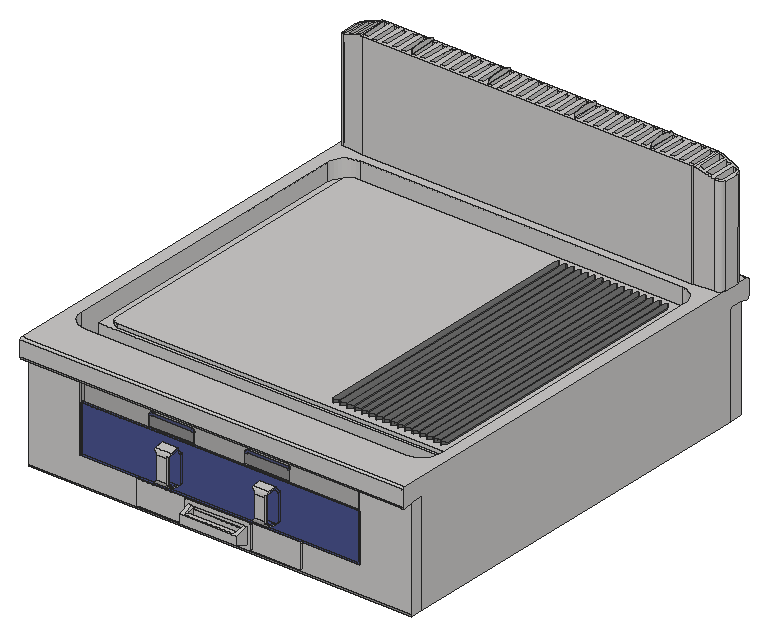
Revit family "QF_ELECTROLUXPROFESSIONAL_593324_MCHNAAHOVO", category Specialty Equipment, Revit 2018 (continued)
Definition of nested family "GG_900_Backsplash for 800 fryer"
  Automatic sketch dimensions
    Extrusion 41 sketch curve to Extrusion 41 sketch curve = 0.775 mm
    Extrusion 41 sketch curve to Extrusion 41 sketch curve = 0.056 mm
    Extrusion 41 sketch curve to Extrusion 41 sketch curve = 4 mm
    level to Extrusion 41 sketch curve = 1058.216 mm
    Extrusion 41 sketch curve to Extrusion 41 sketch curve = 49.354 mm
    Extrusion 41 sketch curve to Extrusion 41 sketch curve = 3.029 mm  (x2)
    Extrusion 41 sketch curve to Extrusion 41 sketch curve = 0.001 mm  (x4)
    Extrusion 41 sketch curve to Extrusion 41 sketch curve = 2.392 mm
    Extrusion 42 sketch curve to Extrusion 42 sketch curve = 0 mm  (x3)
    Extrusion 42 sketch curve to plane 3 "Center (Left/Right)" = 87.373 mm
    Extrusion 42 sketch curve to Extrusion 42 sketch curve = 1 mm  (x2)
    Extrusion 42 sketch curve to Extrusion 42 sketch curve = 0.732 mm
    level to Extrusion 42 sketch curve = 1106.571 mm
    plane 6 to Extrusion 43 sketch curve = 26.484 mm
    Extrusion 43 sketch curve to Extrusion 43 sketch curve = 3.168 mm
    Extrusion 43 sketch curve to Extrusion 43 sketch curve = 0.003 mm
    Extrusion 43 sketch curve to Extrusion 43 sketch curve = 0.832 mm
    Extrusion 43 sketch curve to Extrusion 43 sketch curve = 11.257 mm
    Extrusion 43 sketch curve to Extrusion 43 sketch curve = 0 mm  (x2)
    Extrusion 43 sketch curve to plane 6 = 0.419 mm
    Extrusion 43 sketch curve to plane 6 = 12.894 mm
    Extrusion 43 sketch curve to Extrusion 43 sketch curve = 10.482 mm
    Extrusion 43 sketch curve to Extrusion 43 sketch curve = 0.775 mm
    Extrusion 43 sketch curve to Extrusion 43 sketch curve = 0.056 mm
    Extrusion 43 sketch curve to Extrusion 43 sketch curve = 4 mm
    level to Extrusion 43 sketch curve = 1058.216 mm
    Extrusion 43 sketch curve to Extrusion 43 sketch curve = 49.354 mm
    Extrusion 43 sketch curve to Extrusion 43 sketch curve = 3.029 mm  (x2)
    Extrusion 43 sketch curve to Extrusion 43 sketch curve = 0.001 mm  (x4)
    Extrusion 43 sketch curve to Extrusion 43 sketch curve = 2.392 mm
    Extrusion 44 sketch curve to Extrusion 44 sketch curve = 0 mm  (x3)
    Extrusion 44 sketch curve to plane 5 = 145 mm
    Extrusion 44 sketch curve to Extrusion 44 sketch curve = 1 mm  (x2)
    Extrusion 44 sketch curve to Extrusion 44 sketch curve = 0.732 mm
    level to Extrusion 44 sketch curve = 1107.571 mm
    plane 6 to Extrusion 45 sketch curve = 26.484 mm
    Extrusion 45 sketch curve to Extrusion 45 sketch curve = 3.168 mm
    Extrusion 45 sketch curve to Extrusion 45 sketch curve = 0.003 mm
    Extrusion 45 sketch curve to Extrusion 45 sketch curve = 0.832 mm
    Extrusion 45 sketch curve to Extrusion 45 sketch curve = 11.257 mm
    Extrusion 45 sketch curve to Extrusion 45 sketch curve = 0 mm  (x2)
    Extrusion 45 sketch curve to plane 6 = 0.419 mm
    Extrusion 45 sketch curve to plane 6 = 12.894 mm
    Extrusion 45 sketch curve to Extrusion 45 sketch curve = 10.482 mm
    Extrusion 45 sketch curve to Extrusion 45 sketch curve = 0.775 mm
    Extrusion 45 sketch curve to Extrusion 45 sketch curve = 0.056 mm
    Extrusion 45 sketch curve to Extrusion 45 sketch curve = 4 mm
    level to Extrusion 45 sketch curve = 1058.216 mm
    Extrusion 45 sketch curve to Extrusion 45 sketch curve = 49.354 mm
    Extrusion 45 sketch curve to Extrusion 45 sketch curve = 3.029 mm  (x2)
    Extrusion 45 sketch curve to Extrusion 45 sketch curve = 0.001 mm  (x4)
    Extrusion 45 sketch curve to Extrusion 45 sketch curve = 2.392 mm
    Extrusion 46 sketch curve to Extrusion 46 sketch curve = 0 mm  (x3)
    plane 3 "Center (Left/Right)" to Extrusion 46 sketch curve = 94.792 mm
    Extrusion 46 sketch curve to Extrusion 46 sketch curve = 1 mm  (x2)
    Extrusion 46 sketch curve to Extrusion 46 sketch curve = 0.732 mm
    level to Extrusion 46 sketch curve = 1107.571 mm
    curve 15 to plane 5 = 0 mm
    plane 6 to curve 6 = 32.954 mm
    curve 17 to plane 4 = 0 mm
    plane 4 to curve 16 = 0.886 mm
    plane 4 to curve 2 = 11.608 mm
    plane 4 to curve 7 = 11.608 mm
    curve 5 to curve 6 = 58.231 mm
    plane 1 "Center (Front/Back)" to curve 1 = 5.039 mm
    curve 3 to curve 1 = 58.231 mm
    curve 8 to plane 5 = 70.951 mm
    curve 1 to curve 6 = 0 mm
    curve 12 to plane 5 = 12.72 mm
    curve 8 to plane 5 = 12.72 mm
    curve 15 to plane 5 = 1.998 mm
    curve 14 to curve 9 = 1.998 mm
    plane 4 to curve 17 = 0.886 mm
    curve 3 to curve 3 = 11.746 mm
    curve 5 to curve 5 = 11.746 mm
    curve 11 to curve 11 = 11.746 mm
    curve 10 to curve 10 = 11.746 mm
    plane 6 to curve 7 = 27.86 mm
    plane 6 to curve 8 = 27.86 mm
    plane 6 to curve 15 = 15.407 mm
    curve 14 to plane 6 = 15.407 mm
    curve 4 to plane 6 = 15.407 mm
    plane 1 "Center (Front/Back)" to curve 2 = 10.134 mm
    plane 1 "Center (Front/Back)" to curve 12 = 10.134 mm
    plane 6 to curve 17 = 15.407 mm
Definition of nested family "GG_900_800 mm Half Grate"
  Parameters
    Length = 662 mm
    Array = Length / 15 mm  # 44
  Reference planes
    plane 1 "Center (Front/Back)": y = 0
    plane 2: z = 0
    plane 3 "Center (Left/Right)": x = 0
    plane 4: x = -355
    plane 5: x = 355
    plane 6: z = 900
    plane 7: z = 888
    plane 8: x = -331
    plane 9: x = 331
  Forms (mm)
    Extrusion 1, solid
      sketch origin (453.786, 467.26, 0) x (1, 0, 0) y (0, 1, 0)
        loop
          line (-808.786, -175.198) -> (-808.786, -760.472)
          arc (-808.786, -760.472) -> (-803.807, -772.493) -> (-791.786, -777.472) r 17
          line (-791.786, -777.472) -> (-116.936, -777.472)
          arc (-116.936, -777.472) -> (-104.102, -772.156) -> (-98.786, -759.322) r 18.15
          line (-98.786, -759.322) -> (-98.786, -175.198)
          arc (-98.786, -175.198) -> (-104.102, -162.364) -> (-116.936, -157.048) r 18.15
          line (-116.936, -157.048) -> (-790.636, -157.048)
          arc (-790.636, -157.048) -> (-803.47, -162.364) -> (-808.786, -175.198) r 18.15
      from 888 to 894.474
  Lines and regions (mm)
    symbolic lines
      curve 1: line (324.5, -295.767, 0) -> (318, -286.484, 0)
      curve 2: line (331, -286.484, 0) -> (324.5, -295.767, 0)
      curve 3: line (98.105, -295.767, 0) -> (91.605, -286.484, 0)
      curve 4: line (104.605, -286.484, 0) -> (98.105, -295.767, 0)
      curve 5: line (113.198, -295.767, 0) -> (106.698, -286.484, 0)
      curve 6: line (119.698, -286.484, 0) -> (113.198, -295.767, 0)
      curve 7: line (128.291, -295.767, 0) -> (121.791, -286.484, 0)
      curve 8: line (134.791, -286.484, 0) -> (128.291, -295.767, 0)
      curve 9: line (143.384, -295.767, 0) -> (136.884, -286.484, 0)
      curve 10: line (149.884, -286.484, 0) -> (143.384, -295.767, 0)
      curve 11: line (158.477, -295.767, 0) -> (151.977, -286.484, 0)
      curve 12: line (164.977, -286.484, 0) -> (158.477, -295.767, 0)
      curve 13: line (173.57, -295.767, 0) -> (167.07, -286.484, 0)
      curve 14: line (180.07, -286.484, 0) -> (173.57, -295.767, 0)
      curve 15: line (188.663, -295.767, 0) -> (182.163, -286.484, 0)
      curve 16: line (195.163, -286.484, 0) -> (188.663, -295.767, 0)
      curve 17: line (203.756, -295.767, 0) -> (197.256, -286.484, 0)
      curve 18: line (210.256, -286.484, 0) -> (203.756, -295.767, 0)
      curve 19: line (218.849, -295.767, 0) -> (212.349, -286.484, 0)
      curve 20: line (225.349, -286.484, 0) -> (218.849, -295.767, 0)
      curve 21: line (233.942, -295.767, 0) -> (227.442, -286.484, 0)
      curve 22: line (240.442, -286.484, 0) -> (233.942, -295.767, 0)
      curve 23: line (249.035, -295.767, 0) -> (242.535, -286.484, 0)
      curve 24: line (255.535, -286.484, 0) -> (249.035, -295.767, 0)
      curve 25: line (264.128, -295.767, 0) -> (257.628, -286.484, 0)
      curve 26: line (270.628, -286.484, 0) -> (264.128, -295.767, 0)
      curve 27: line (279.221, -295.767, 0) -> (272.721, -286.484, 0)
      curve 28: line (285.721, -286.484, 0) -> (279.221, -295.767, 0)
      curve 29: line (294.314, -295.767, 0) -> (287.814, -286.484, 0)
      curve 30: line (300.814, -286.484, 0) -> (294.314, -295.767, 0)
      curve 31: line (309.407, -295.767, 0) -> (302.907, -286.484, 0)
      curve 32: line (315.907, -286.484, 0) -> (309.407, -295.767, 0)
      curve 33: line (336.85, 310.212, 0) -> (-336.85, 310.212, 0)
      curve 34: arc (-336.85, 310.212, 0) -> (-349.684, 304.896, 0) -> (-355, 292.062, 0) r 18.15
      curve 35: line (-355, 292.062, 0) -> (-355, -293.212, 0)
      curve 36: arc (-355, -293.212, 0) -> (-350.021, -305.233, 0) -> (-338, -310.212, 0) r 17
      curve 37: line (-338, -310.212, 0) -> (336.85, -310.212, 0)
      curve 38: arc (336.85, -310.212, 0) -> (349.684, -304.896, 0) -> (355, -292.062, 0) r 18.15
      curve 39: line (355, -292.062, 0) -> (355, 292.062, 0)
      curve 40: arc (355, 292.062, 0) -> (349.684, 304.896, 0) -> (336.85, 310.212, 0) r 18.15
  Dimensions and locks
    plane 6 to level = 900 mm
    plane 6 to plane 7 = 12 mm
    locked: plane 9 to plane 5 at 24
    "Length": plane 8 to plane 9
    plane 4 to plane 5 = 710 mm
    plane 4 to plane 8 = 24 mm
    aligned and locked: Extrusion 1 to plane 7
    aligned and locked: plane 9 to nested 1
    aligned and locked: curve 34 to Extrusion 1
    aligned and locked: curve 38 to Extrusion 1
    aligned and locked: curve 40 to Extrusion 1
  Automatic sketch dimensions
    Extrusion 1 sketch curve to plane 4 = 0 mm
    Extrusion 1 sketch curve to plane 5 = 0 mm
    Extrusion 1 sketch curve to plane 8 = 7 mm
    Extrusion 1 sketch curve to plane 8 = 5.85 mm
    plane 9 to Extrusion 1 sketch curve = 5.85 mm  (x2)
    plane 1 "Center (Front/Back)" to Extrusion 1 sketch curve = 310.212 mm
    Extrusion 1 sketch curve to plane 1 "Center (Front/Back)" = 292.062 mm
    curve 36 to plane 8 = 7 mm
    curve 1 to curve 1 = 6.5 mm
    curve 1 to curve 1 = 9.283 mm
    curve 1 to curve 2 = 6.5 mm
    curve 1 to curve 2 = 9.283 mm
    curve 3 to curve 3 = 6.5 mm
    curve 3 to curve 3 = 9.283 mm
    curve 3 to curve 4 = 6.5 mm
    curve 3 to curve 4 = 9.283 mm
    curve 5 to curve 5 = 6.5 mm
    curve 5 to curve 5 = 9.283 mm
    curve 5 to curve 6 = 6.5 mm
    curve 5 to curve 6 = 9.283 mm
    curve 7 to curve 7 = 6.5 mm
    curve 7 to curve 7 = 9.283 mm
    curve 7 to curve 8 = 6.5 mm
    curve 7 to curve 8 = 9.283 mm
    curve 9 to curve 9 = 6.5 mm
    curve 9 to curve 9 = 9.283 mm
    curve 9 to curve 10 = 6.5 mm
    curve 9 to curve 10 = 9.283 mm
    curve 11 to curve 11 = 6.5 mm
    curve 11 to curve 11 = 9.283 mm
    curve 11 to curve 12 = 6.5 mm
    curve 11 to curve 12 = 9.283 mm
    curve 13 to curve 13 = 6.5 mm
    curve 13 to curve 13 = 9.283 mm
    curve 13 to curve 14 = 6.5 mm
    curve 13 to curve 14 = 9.283 mm
    curve 15 to curve 15 = 6.5 mm
    curve 15 to curve 15 = 9.283 mm
    curve 15 to curve 16 = 6.5 mm
    curve 15 to curve 16 = 9.283 mm
    curve 17 to curve 17 = 6.5 mm
    curve 17 to curve 17 = 9.283 mm
    curve 17 to curve 18 = 6.5 mm
    curve 17 to curve 18 = 9.283 mm
    curve 19 to curve 19 = 6.5 mm
    curve 19 to curve 19 = 9.283 mm
    curve 19 to curve 20 = 6.5 mm
    curve 19 to curve 20 = 9.283 mm
    curve 21 to curve 21 = 6.5 mm
    curve 21 to curve 21 = 9.283 mm
    curve 21 to curve 22 = 6.5 mm
    curve 21 to curve 22 = 9.283 mm
    curve 23 to curve 23 = 6.5 mm
    curve 23 to curve 23 = 9.283 mm
    curve 23 to curve 24 = 6.5 mm
    curve 23 to curve 24 = 9.283 mm
    curve 25 to curve 25 = 6.5 mm
    curve 25 to curve 25 = 9.283 mm
    curve 25 to curve 26 = 6.5 mm
    curve 25 to curve 26 = 9.283 mm
    curve 27 to curve 27 = 6.5 mm
    curve 27 to curve 27 = 9.283 mm
    curve 27 to curve 28 = 6.5 mm
    curve 27 to curve 28 = 9.283 mm
    curve 29 to curve 29 = 6.5 mm
    curve 29 to curve 29 = 9.283 mm
    curve 29 to curve 30 = 6.5 mm
    curve 29 to curve 30 = 9.283 mm
    curve 31 to curve 31 = 6.5 mm
    curve 31 to curve 31 = 9.283 mm
    curve 31 to curve 32 = 6.5 mm
    curve 31 to curve 32 = 9.283 mm
  Nested families
    nested 1: "Grate for Griddle" at (324.5, 0, 11.99), type "Grate for Griddle"
    nested 2: "Grate for Griddle" at (98.105, 0, 11.99), type "Grate for Griddle"
    nested 3: "Grate for Griddle" at (113.198, 0, 11.99), type "Grate for Griddle"
    nested 4: "Grate for Griddle" at (128.291, 0, 11.99), type "Grate for Griddle"
    nested 5: "Grate for Griddle" at (143.384, 0, 11.99), type "Grate for Griddle"
    nested 6: "Grate for Griddle" at (158.477, 0, 11.99), type "Grate for Griddle"
    nested 7: "Grate for Griddle" at (173.57, 0, 11.99), type "Grate for Griddle"
    nested 8: "Grate for Griddle" at (188.663, 0, 11.99), type "Grate for Griddle"
    nested 9: "Grate for Griddle" at (203.756, 0, 11.99), type "Grate for Griddle"
    nested 10: "Grate for Griddle" at (218.849, 0, 11.99), type "Grate for Griddle"
    nested 11: "Grate for Griddle" at (233.942, 0, 11.99), type "Grate for Griddle"
    nested 12: "Grate for Griddle" at (249.035, 0, 11.99), type "Grate for Griddle"
    nested 13: "Grate for Griddle" at (264.128, 0, 11.99), type "Grate for Griddle"
    nested 14: "Grate for Griddle" at (279.221, 0, 11.99), type "Grate for Griddle"
    nested 15: "Grate for Griddle" at (294.314, 0, 11.99), type "Grate for Griddle"
    nested 16: "Grate for Griddle" at (309.407, 0, 11.99), type "Grate for Griddle"
  Definition of nested family "Grate for Griddle"
    Reference planes
      plane 1 "Center (Front/Back)": y = 0
      plane 2: z = 0
      plane 3 "Center (Left/Right)": x = 0
      plane 4: x = -5.214
      plane 5: x = 7.786
      plane 6: y = 294
      plane 7: y = -294
    Forms (mm)
      Extrusion 1, solid
        sketch origin (1322.686, 294, -6.066) x (1, 0, 0) y (0, 0, 1)
          loop
            line (-1316.186, 888.55) -> (-1316.186, 890.55)
            arc (-1316.186, 890.55) -> (-1322.686, 894.177) -> (-1329.186, 890.55) r 7.638
            line (-1329.186, 890.55) -> (-1329.186, 888.55) -> (-1316.186, 888.55)
        from 0 to 588
      Extrusion 2, void
        sketch origin (0, 0, 0) x (1, 0, 0) y (0, 1, 0)
          loop
            line (-1.237, 294) -> (-6.5, 294) -> (-6.5, 286.484) -> (-1.237, 294)
          loop
            line (1.237, 294) -> (6.5, 286.484) -> (6.5, 294) -> (1.237, 294)
          loop
            line (-1.237, -294) -> (-6.5, -286.484) -> (-6.5, -294) -> (-1.237, -294)
          loop
            line (1.237, -294) -> (6.5, -294) -> (6.5, -286.484) -> (1.237, -294)
        from 878.991 to 892.372
    Cuts and joins
      Extrusion 2 cuts Extrusion 1
    Lines and regions (mm)
      symbolic lines
        curve 1: line (6.5, -286.484, 0) -> (6.5, 286.484, 0)
        curve 2: line (6.5, -286.484, 0) -> (1.237, -294, 0)
        curve 3: line (-1.237, -294, 0) -> (-6.5, -286.484, 0)
        curve 4: line (-6.5, 286.484, 0) -> (-6.5, -286.484, 0)
        curve 5: line (-6.5, 286.484, 0) -> (-1.237, 294, 0)
        curve 6: line (1.237, 294, 0) -> (6.5, 286.484, 0)
    Dimensions and locks
      plane 6 to plane 7 = 588 mm
      aligned and locked: Extrusion 1 to plane 7
      aligned and locked: plane 6 to Extrusion 1
      aligned and locked: curve 1 to cut or joined group of Extrusion 1, Extrusion 2
      aligned and locked: curve 2 to cut or joined group of Extrusion 1, Extrusion 2
      aligned and locked: curve 3 to cut or joined group of Extrusion 1, Extrusion 2
      aligned and locked: curve 4 to cut or joined group of Extrusion 1, Extrusion 2
      aligned and locked: curve 5 to cut or joined group of Extrusion 1, Extrusion 2
      aligned and locked: curve 6 to cut or joined group of Extrusion 1, Extrusion 2
